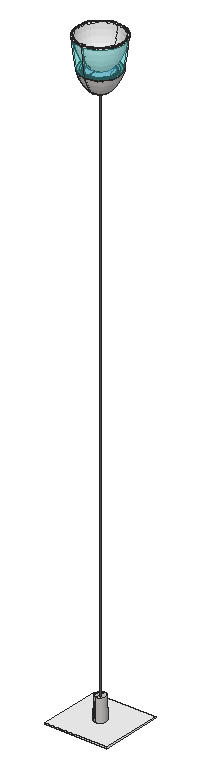
Revit family "BE_56581.2_de_DE", category Leuchten, Revit 2017
Family settings
  Basisbauteil = Fläche
  Bemaßung runder Anschluss = Durchmesser verwenden
  Teiletyp = Normal
  Beim Laden mit Abzugskörper schneiden = Ja
  Lichtquelle = Ja
  Gemeinsam genutzt = Nein
  Raumberechnungspunkt = Ja
Parameters (values of type "BEGA_56581.2_K3")
  built-in parameter 1150104 = 12.486 (stored number, unit not read)
  Wattage = 36.3 W
  Default Elevation = 0 mm
  built-in parameter 1150113 = 1 (stored number, unit not read)
  built-in parameter 1114218 = 1 (stored number, unit not read)
  Umgebungstemperatur = "25 °C"
  URL = "http://www.bega.de/de/produkt/56581.2"
  Typenkommentare = "© 2019 BEGA. Wir behalten uns das Recht vor, technische Änderungen ohne vorherige Ankündigung vorzunehmen."  # constant formula
  built-in parameter 1150134 = (empty or 0)
  built-in parameter 1150109 = 1 (stored number, unit not read)
  Strom = ""
  built-in parameter 1150110 = 1 (stored number, unit not read)
  Spannung = 239.996 V
  Sonderanfertigung = no
  Seriennummer [instance] = "Hier können Sie die eindeutige Seriennummer für das Facility Management eintragen."
  Schutzklasse = "I"
  Schutzart = ""
  Scheinlast = 0 VA
  Produktdatenblatt = "http://www.bega.de/download/Xrfa/db/56581.2.db.de.pdf"
  Oberflächentemperatur = ""
  Neigungswinkel = 0.00°
  Modell = "56581.2K3"
  Material_18 = BEGA_Gummi_schwarz
  Material_17 = BEGA_Reflektor
  Material_15 = BEGA_Leuchtmedium_matt
  Material_11 = BEGA_Glas_opal
  Material_10 = BEGA_Glas_matt
  Material_09 = BEGA_Glas_klar
  Material_06 = BEGA_Oberfläche_Edelstahl_gebürstet
  Material_05 = BEGA_Oberfläche_Aluminium Guss
  Material_03 = BEGA_Oberfläche_Weiss_matt
  Material_02 = BEGA_Oberfläche_Silber_matt
  Material_01 [instance] = BEGA_Oberfläche_Grafit_matt
  M_W = no
  M_G = no
  M_A = no
  Logo = 0
  built-in parameter 1114217 = 1 (stored number, unit not read)
  built-in parameter 1150139 = (empty or 0)
  built-in parameter 1150105 = 388.24 (stored number, unit not read)
  built-in parameter 1150114 = 1 (stored number, unit not read)
  Lumens = 4878.72 lm
  built-in parameter 1150115 = 1 (stored number, unit not read)
  Leuchtenlichtstrom = "3415 lm"
  Leuchtenanzahl = ""
  Lebensdauerkriterien = "L70B50 @ 25 °C = 290000 h"
  Lastklassifizierung = Beleuchtung
  built-in parameter 1150112 = 1 (stored number, unit not read)
  Lampenlichtstrom = "4920 lm"
  Lampe = "LED 36.3 W"
  LED_Modulbezeichnung = "LED-0495/930"
  Hersteller = "BEGA"  # constant formula
  Halbstreuwinkel = ""
  Gewicht = "5.7 kg"
  Gebrauchslageneinschränkung [instance] = ""
  Frequenz = "0/50-60 Hz"
  Farbwiedergabeindex = "CRI > 90"
  Farbtemperaturverschiebung bei Dämpfen der Lampe = <Keine Auswahl>
  Farbtemperatur = "3000 K"
  Color Filter = 16777215
  built-in parameter 1150133 = 10 (stored number, unit not read)
  Energieeffizienzklasse = "LED A++ - A"
  built-in parameter 1150137 = (empty or 0)
  built-in parameter 1150132 = (empty or 0)
  ENEC = "ja"
  Dimmbar [instance] = "DALI"
  Datei für fotometrisches Netz = "BE_56581.2K3.IES"
  CE_Konformität = "ja"
  Bestellnummer = "56581.2K3"
  Beschreibung_Sonderanfertigung = "Hier können Sie Informationen zur Sonderanfertigung eintragen."
  Beschreibung = "Pendelleuchte"
  built-in parameter 1150106 = 3.8824 (stored number, unit not read)
  Befestigungsbohrung = ""
  Befestigungsabstand = ""
  Ballwurfsicher = ""
  BEGA_Intern_aus = yes
  BEGA_Intern_an = yes
  BEGA_Intern_Konstruktion = yes
  BEGA_Intern = yes
  BEGA_IES = yes
  BEGA_Dummy = no
  Anschlussleitung = ""
  Anschlussleistung [instance] = "39.5 W"
  Anschlusskasten = ""
  built-in parameter 1150107 = 3000 (stored number, unit not read)
  built-in parameter 1150102 = (empty or 0)
  built-in parameter 1150138 = (empty or 0)
  Aktualisierung = "2019-07-09T04:00:12"
  Abstand_zur_angestrahlten_Fläche [instance] = ""
  AC/DC = "AC/DC"
Types (2, lengths in mm): name | built-in parameter 1150104 | built-in parameter 1150134 | Modell | built-in parameter 1150105 | Lumens | Leuchtenlichtstrom | Lampenlichtstrom | LED_Modulbezeichnung | Farbtemperatur | Datei für fotometrisches Netz | Bestellnummer | built-in parameter 1150106 | built-in parameter 1150107
  BEGA_56581.2_K4 | 12.858 (stored number, unit not read) | 12 | "56581.2K4" | 399.79 (stored number, unit not read) | 5023.92 lm | "3515 lm" | "5065 lm" | "LED-0495/940" | "4000 K" | "BE_56581.2K4.IES" | "56581.2K4" | 3.9979 (stored number, unit not read) | 4000 (stored number, unit not read)
  BEGA_56581.2_K3 | 12.486 (stored number, unit not read) | (empty or 0) | "56581.2K3" | 388.24 (stored number, unit not read) | 4878.72 lm | "3415 lm" | "4920 lm" | "LED-0495/930" | "3000 K" | "BE_56581.2K3.IES" | "56581.2K3" | 3.8824 (stored number, unit not read) | 3000 (stored number, unit not read)
Reference planes
  plane 1 "Mitte (Vorne/Hinten)": y = 0
  plane 2: z = 0
  plane 3 "Mitte (Links/Rechts)": x = 0
  plane 4 "Links": x = -151.3
  plane 5 "Rechts": x = 151.3
  plane 6 "Unten": y = -151.3
  plane 7 "Oben": y = 151.3
  plane 8 "Vorne": z = 3999
  plane 9 "Hinten": z = 0
Forms (mm)
  Extrusion 1, solid, material "BEGA_Platte_Weiss"
    sketch origin (0, -1119.2, 0) x (1, 0, 0) y (0, 1, 0)
      loop
        line (-200, 1319.2) -> (-200, 919.2) -> (200, 919.2) -> (200, 1319.2) -> (-200, 1319.2)
    from 0 to -10
  Extrusion 2, solid, material "BEGA_Dummy_matt", visible <- "BEGA_Dummy"
    sketch origin (77.149, -76.023, 0) x (1, 0, 0) y (0, 1, 0)
      loop
        circle (-77.149, 76.023) r 151.3
    from 0 to 3999
Dimensions and locks
  plane 1 "Mitte (Vorne/Hinten)" to Extrusion 1 = 200 mm
  plane 7 "Oben" to plane 1 "Mitte (Vorne/Hinten)" to plane 6 "Unten" = 151.3 mm, 151.3 mm
  aligned and locked: plane 2 to Extrusion 1
  aligned and locked: level to Extrusion 1
Nested families
  nested 1: "BE_56581.2" at (0, 0, 0), type "BE_56581.2"
Connectors
  electrical at (0, 0, 0), driven by "Lastklassifizierung", driven by "Spannung", driven by "Scheinlast"
    settings: index 1, voltage 239.996 V, apparent load 0 VA, apparent load phase1 0 VA, apparent load phase2 0 VA, apparent load phase3 0 VA, power factor 1, load classification "Beleuchtung", number of poles 1, system type 31, power factor state 1, is connector primary yes, connector utility no, sub classification motor no, connector description ""
Definition of nested family "BE_56581.2"
  Parameters (values of type "BE_56581.2")
    Default Elevation = 1 mm
    URL = "http://www.bega.de/de/produkt"
    Type Comments = "© 2015 BEGA. Wir behalten uns das Recht vor, technische Änderungen ohne vorherige Ankündigung vorzunehmen. "  # constant formula
    Type Image = (empty or 0)
    Neigungswinkel_um_Z2 = 0.00°
    Neigungswinkel_um_Z1 = 0.00°
    Neigungswinkel_um_Y2 = 0.00°
    Neigungswinkel_um_Y1 = 0.00°
    Neigungswinkel_um_X2 = 0.00°
    Neigungswinkel_um_X1 = 0.00°
    Material_18 = none
    Material_17 = none
    Material_15 = none
    Material_11 = none
    Material_10 = none
    Material_09 = none
    Material_06 = none
    Material_05 = none
    Material_03 = none
    Material_02 = none
    Material_01 = none
    M_W = yes
    M_G = yes
    M_A = yes
    Länge_Platte = 400 mm  # constant formula
    Höhe_Platte = -10 mm  # constant formula
    Manufacturer = "BEGA"  # constant formula
    Drehwinkel_um_Z2 = 0.00°
    Drehwinkel_um_Z1 = 0.00°
    Breite_Platte = 400 mm  # constant formula
  Reference planes
    plane 1 "Mitte (Oben/Unten)": y = 0
    plane 2: z = 0
    plane 3 "Mitte (Links/Rechts)": x = 0
    plane 4: y = 151.3
    plane 5: y = -151.3
    plane 6: z = 4000
    plane 7: x = -151.3
    plane 8: x = 151.3
  Forms (mm)
    Extrusion 1, solid, detail levels medium
      sketch origin (0, 0, 0) x (1, 0, 0) y (0, 1, 0)
        loop
          line (-200, 200) -> (-200, -200) -> (200, -200) -> (200, 200) -> (-200, 200)
      from 0 to -10 <- "Höhe_Platte"
    Revolve 2, solid, material <- "Material_06", detail levels medium+fine
      sketch origin (0, 0, 0) x (0, 1, 0) y (0, 0, 1)
        loop
          line (-36.248, 0.5) -> (-34, 0.5) -> (-34, 2.676) -> (-32.481, 2.729) -> (-31.3, 138.025)
          arc (-31.3, 138.025) -> (-30.705, 139.423) -> (-29.3, 140) r 2
          line (-29.3, 140) -> (0, 140) -> (0, 143.501)
          arc (0, 143.501) -> (-17.512, 143.245) -> (-35.009, 142.479) r 600
          line (-35.009, 142.479) -> (-36.248, 0.5)
        axis (0, 0.5) -> (0, 143.501)
      angle from 0 to 360
    Revolve 3, solid, material <- "Material_05", detail levels medium+fine
      sketch origin (0, 0, 0) x (0, 1, 0) y (0, 0, 1)
        loop
          line (-32.14, 2) -> (-32.175, 1) -> (-33.765, 1) -> (-33.8, 0) -> (0, 0) -> (0, 2) -> (-32.14, 2)
        axis (0, 0) -> (0, 2)
      angle from 0 to 360
    Extrusion 4, void
      sketch origin (0, 0, 0) x (1, 0, 0) y (0, 1, 0)
        loop
          arc (-9.887, 12.652) -> (-16.053, -0.003) -> (-9.876, -12.652) r 16.053
          line (-9.876, -12.652) -> (9.484, -12.652)
          arc (9.484, -12.652) -> (15.815, -0.003) -> (9.495, 12.652) r 15.815
          line (9.495, 12.652) -> (-9.887, 12.652)
        loop
          circle (-0.016, 25) r 2.25
        loop
          circle (-0.016, -25) r 2.25
      from 0 to 3.541
    Revolve 5, solid, material <- "Material_03", detail levels medium+fine
      sketch origin (0, 0, 0) x (0, 1, 0) y (0, 0, 1)
        loop
          line (-151.3, 3997) -> (-150.3, 3997) -> (-150.3, 3999) -> (-139.949, 3999)
          spline (-139.949, 3999) -> (-138.779, 3976.236) -> (-136.01, 3953.855) -> (-131.676, 3932.161) -> (-125.838, 3911.444) -> (-118.571, 3891.985) -> (-109.972, 3874.046) -> (-100.154, 3857.87) -> (-89.246, 3843.674) -> (-77.391, 3831.655) -> (-64.745, 3821.976) -> (-51.475, 3814.779) -> (-37.762, 3810.166)
          arc (-37.762, 3810.166) -> (-37.214, 3809.812) -> (-37, 3809.196) r 1
          line (-37, 3809.196) -> (-37, 3805) -> (-36, 3805) -> (-36, 3809.985)
          arc (-36, 3809.985) -> (-36.219, 3810.608) -> (-36.779, 3810.958) r 1
          spline (-36.779, 3810.958) -> (-50.367, 3815.489) -> (-63.542, 3822.592) -> (-76.126, 3832.17) -> (-87.949, 3844.094) -> (-98.85, 3858.202) -> (-108.68, 3874.301) -> (-117.307, 3892.175) -> (-124.613, 3911.58) -> (-130.5, 3932.253) -> (-134.887, 3953.913) -> (-137.714, 3976.266) -> (-138.944, 3999.009)
          arc (-138.944, 3999.009) -> (-139.241, 3999.71) -> (-139.944, 4000) r 1
          line (-139.944, 4000) -> (-150.3, 4000)
          arc (-150.3, 4000) -> (-151.007, 3999.707) -> (-151.3, 3999) r 1
          line (-151.3, 3999) -> (-151.3, 3997)
        axis (0, 3805) -> (0, 4000)
      angle from 0 to 360
    Revolve 6, solid, material <- "Material_09", detail levels medium+fine
      sketch origin (0, 0, 0) x (0, 1, 0) y (0, 0, 1)
        loop
          line (-102.7, 3768.034) -> (-96.4, 3768.034) -> (-96.4, 3792.847)
          arc (-96.4, 3792.847) -> (-98.818, 3798.985) -> (-104.772, 3801.826) r 9
          line (-104.772, 3801.826) -> (-121.101, 3802.97)
          arc (-121.101, 3802.97) -> (-138.31, 3900.406) -> (-145.438, 3999.093) r 963.829
          line (-145.438, 3999.093) -> (-149.939, 3999.093)
          arc (-149.939, 3999.093) -> (-142.528, 3897.875) -> (-124.563, 3797.988) r 968.329
          arc (-124.563, 3797.988) -> (-124.199, 3797.391) -> (-123.552, 3797.127) r 1.119
          line (-123.552, 3797.127) -> (-107.926, 3796.034) -> (-102.7, 3768.034)
        axis (0, 3768.034) -> (0, 3999.093)
      angle from 0 to 360
    Revolve 7, solid, material <- "Material_06", detail levels medium+fine
      sketch origin (0, 0, 0) x (0, 1, 0) y (0, 0, 1)
        loop
          line (-3.71, 3663.451) -> (0, 3663.451) -> (0, 3666.998)
          arc (0, 3666.998) -> (-36.026, 3674.484) -> (-65.816, 3696.08) r 87.76
          arc (-65.816, 3696.08) -> (-99.133, 3743.474) -> (-120.273, 3797.412) r 242.773
          line (-120.273, 3797.412) -> (-123.99, 3797.412)
          arc (-123.99, 3797.412) -> (-102.525, 3742.181) -> (-68.493, 3693.673) r 246.373
          arc (-68.493, 3693.673) -> (-39.18, 3671.963) -> (-3.71, 3663.451) r 91.36
        axis (0, 3663.451) -> (0, 3797.412)
      angle from 0 to 360
    Revolve 8, solid, material <- "Material_18", detail levels medium+fine
      sketch origin (0, 0, 0) x (0, 1, 0) y (0, 0, 1)
        loop
          line (-3.35, 118.995) -> (0, 118.995) -> (0, 3695.157) -> (-3.35, 3695.157) -> (-3.35, 118.995)
        axis (0, 3695.157) -> (0, 118.995)
      angle from 0 to 360
    Revolve 9, solid, material <- "Material_10", detail levels medium+fine
      sketch origin (0, 0, 0) x (0, 1, 0) y (0, 0, 1)
        loop
          line (0, 3806.329) -> (0, 3821.829)
          arc (0, 3821.829) -> (-17.765, 3819.684) -> (-34.51, 3813.374) r 74.657
          arc (-34.51, 3813.374) -> (-35.259, 3812.685) -> (-35.571, 3811.717) r 2
          line (-35.571, 3811.717) -> (-35.805, 3807.255)
          arc (-35.805, 3807.255) -> (-36.079, 3806.619) -> (-36.699, 3806.313) r 1
          line (-36.699, 3806.313) -> (-92.963, 3800.4)
          arc (-92.963, 3800.4) -> (-93.589, 3800.094) -> (-93.863, 3799.453) r 1
          line (-93.863, 3799.453) -> (-94.522, 3786.868)
          arc (-94.522, 3786.868) -> (-94.386, 3786.498) -> (-94.023, 3786.342) r 0.5
          line (-94.023, 3786.342) -> (-89.042, 3786.342) -> (-88.608, 3794.636)
          arc (-88.608, 3794.636) -> (-88.061, 3795.908) -> (-86.82, 3796.521) r 2
          line (-86.82, 3796.521) -> (-32.407, 3802.24)
          arc (-32.407, 3802.24) -> (-31.789, 3802.543) -> (-31.513, 3803.174) r 1
          line (-31.513, 3803.174) -> (-31.398, 3805.373)
          arc (-31.398, 3805.373) -> (-31.09, 3806.051) -> (-30.399, 3806.329) r 1
          line (-30.399, 3806.329) -> (0, 3806.329)
        axis (0, 3821.829) -> (0, 3786.342)
      angle from 0 to 360
  Cuts and joins
    Extrusion 4 cuts Revolve 3
  Dimensions and locks
    equal spacing: Extrusion 1 sketch curve, plane 3 "Mitte (Links/Rechts)", Extrusion 1 sketch curve
    equal spacing: Extrusion 1 sketch curve, plane 1 "Mitte (Oben/Unten)", Extrusion 1 sketch curve
    "Länge_Platte": Extrusion 1 sketch curve to Extrusion 1 sketch curve
    "Breite_Platte": Extrusion 1 sketch curve to Extrusion 1 sketch curve
    aligned and locked: Extrusion 1 to plane 2
    aligned and locked: level to Extrusion 1
  Automatic sketch dimensions
    Revolve 3 sketch curve to plane 1 "Mitte (Oben/Unten)" = 0 mm  (x2)
    Revolve 3 sketch curve to level = 0 mm  (x2)
    plane 1 "Mitte (Oben/Unten)" to Revolve 3 sketch curve = 32.14 mm
    Revolve 3 sketch curve to Revolve 3 sketch curve = 2.125 mm
    Revolve 3 sketch curve to Revolve 3 sketch curve = 0.035 mm  (x2)
    Revolve 3 sketch curve to Revolve 3 sketch curve = 1.59 mm
    level to Revolve 3 sketch curve = 1 mm
    Revolve 3 sketch curve to Revolve 3 sketch curve = 2 mm
    Extrusion 4 sketch curve to Extrusion 4 sketch curve = 0 mm  (x2)
    Extrusion 4 sketch curve to plane 3 "Mitte (Links/Rechts)" = 0 mm
    Extrusion 4 sketch curve to plane 3 "Mitte (Links/Rechts)" = 0.016 mm  (x2)
    Extrusion 4 sketch curve to plane 3 "Mitte (Links/Rechts)" = 9.876 mm
    Extrusion 4 sketch curve to plane 3 "Mitte (Links/Rechts)" = 9.887 mm
    plane 3 "Mitte (Links/Rechts)" to Extrusion 4 sketch curve = 9.484 mm
    plane 1 "Mitte (Oben/Unten)" to Extrusion 4 sketch curve = 25 mm
    Extrusion 4 sketch curve to plane 1 "Mitte (Oben/Unten)" = 0.004 mm
    Extrusion 4 sketch curve to Extrusion 4 sketch curve = 12.348 mm
    plane 1 "Mitte (Oben/Unten)" to Extrusion 4 sketch curve = 12.652 mm
    Revolve 2 sketch curve to plane 1 "Mitte (Oben/Unten)" = 0 mm  (x2)
    plane 1 "Mitte (Oben/Unten)" to Revolve 2 sketch curve = 29.3 mm
    Revolve 2 sketch curve to Revolve 2 sketch curve = 2 mm
    level to Revolve 2 sketch curve = 2.729 mm
    plane 1 "Mitte (Oben/Unten)" to Revolve 2 sketch curve = 32.481 mm
    Revolve 2 sketch curve to Revolve 2 sketch curve = 1.52 mm
    Revolve 2 sketch curve to Revolve 2 sketch curve = 3.709 mm
    level to Revolve 2 sketch curve = 0.5 mm
    Revolve 2 sketch curve to Revolve 2 sketch curve = 2.248 mm
    Revolve 2 sketch curve to level = 456.499 mm
    Revolve 2 sketch curve to Revolve 2 sketch curve = 0.053 mm
    Revolve 2 sketch curve to Revolve 2 sketch curve = 135.271 mm
    Revolve 2 sketch curve to Revolve 2 sketch curve = 0.025 mm
    Revolve 2 sketch curve to Revolve 2 sketch curve = 0 mm  (x4)
    Revolve 2 sketch curve to Revolve 2 sketch curve = 4.454 mm
    Revolve 2 sketch curve to Revolve 2 sketch curve = 46.562 mm
    Revolve 7 sketch curve to Revolve 7 sketch curve = 0 mm  (x7)
    Revolve 7 sketch curve to plane 1 "Mitte (Oben/Unten)" = 0 mm  (x2)
    plane 1 "Mitte (Oben/Unten)" to Revolve 7 sketch curve = 0.556 mm
    plane 1 "Mitte (Oben/Unten)" to Revolve 7 sketch curve = 3.71 mm
    Revolve 7 sketch curve to Revolve 7 sketch curve = 3.717 mm
    Revolve 7 sketch curve to Revolve 7 sketch curve = 3.547 mm
    Revolve 7 sketch curve to Revolve 7 sketch curve = 87.758 mm
    Revolve 7 sketch curve to Revolve 7 sketch curve = 42.656 mm
    Revolve 7 sketch curve to Revolve 7 sketch curve = 103.641 mm
    Revolve 7 sketch curve to Revolve 7 sketch curve = 4.003 mm
    Revolve 6 sketch curve to Revolve 6 sketch curve = 0 mm  (x5)
    Revolve 6 sketch curve to plane 1 "Mitte (Oben/Unten)" = 0 mm
    Revolve 6 sketch curve to Revolve 6 sketch curve = 6.3 mm
    Revolve 6 sketch curve to Revolve 6 sketch curve = 9 mm
    Revolve 6 sketch curve to Revolve 6 sketch curve = 2.526 mm
    Revolve 6 sketch curve to Revolve 6 sketch curve = 0.078 mm
    Revolve 6 sketch curve to Revolve 6 sketch curve = 24.813 mm
    Revolve 6 sketch curve to Revolve 6 sketch curve = 3.187 mm
    Revolve 6 sketch curve to Revolve 6 sketch curve = 1.093 mm
    Revolve 6 sketch curve to Revolve 6 sketch curve = 1.116 mm
    Revolve 6 sketch curve to Revolve 6 sketch curve = 4.727 mm
    Revolve 6 sketch curve to Revolve 6 sketch curve = 226.251 mm
    Revolve 6 sketch curve to Revolve 6 sketch curve = 3.153 mm
    Revolve 6 sketch curve to Revolve 6 sketch curve = 4.501 mm
    Revolve 6 sketch curve to Revolve 6 sketch curve = 0.79 mm
    Revolve 6 sketch curve to Revolve 6 sketch curve = 0.003 mm
    Revolve 6 sketch curve to Revolve 6 sketch curve = 40 mm
    Revolve 9 sketch curve to plane 1 "Mitte (Oben/Unten)" = 0 mm  (x2)
    plane 1 "Mitte (Oben/Unten)" to Revolve 9 sketch curve = 0.001 mm
    plane 1 "Mitte (Oben/Unten)" to Revolve 9 sketch curve = 30.399 mm
    Revolve 9 sketch curve to Revolve 9 sketch curve = 0.999 mm  (x3)
    Revolve 9 sketch curve to Revolve 9 sketch curve = 0.115 mm
    Revolve 9 sketch curve to Revolve 9 sketch curve = 0.998 mm
    Revolve 9 sketch curve to Revolve 9 sketch curve = 3.176 mm
    Revolve 9 sketch curve to Revolve 9 sketch curve = 1.997 mm  (x2)
    Revolve 9 sketch curve to Revolve 9 sketch curve = 1.232 mm
    Revolve 9 sketch curve to Revolve 9 sketch curve = 2.432 mm
    Revolve 9 sketch curve to Revolve 9 sketch curve = 6.254 mm
    Revolve 9 sketch curve to Revolve 9 sketch curve = 0.099 mm
    Revolve 9 sketch curve to Revolve 9 sketch curve = 4.981 mm
    Revolve 9 sketch curve to Revolve 9 sketch curve = 39.17 mm
    Revolve 9 sketch curve to Revolve 9 sketch curve = 0.5 mm
    Revolve 9 sketch curve to Revolve 9 sketch curve = 8.19 mm
    Revolve 9 sketch curve to Revolve 9 sketch curve = 4.873 mm
    Revolve 9 sketch curve to Revolve 9 sketch curve = 0.049 mm
    Revolve 9 sketch curve to Revolve 9 sketch curve = 8.642 mm
    Revolve 9 sketch curve to Revolve 9 sketch curve = 0.061 mm
    Revolve 9 sketch curve to Revolve 9 sketch curve = 2.155 mm
    Revolve 9 sketch curve to Revolve 9 sketch curve = 0.044 mm
    Revolve 9 sketch curve to Revolve 9 sketch curve = 1.935 mm
    Revolve 9 sketch curve to Revolve 9 sketch curve = 4.299 mm
    Revolve 9 sketch curve to Revolve 9 sketch curve = 0.11 mm
    Revolve 9 sketch curve to Revolve 9 sketch curve = 15.5 mm
    Revolve 9 sketch curve to Revolve 9 sketch curve = 0.105 mm  (x3)
    Revolve 9 sketch curve to Revolve 9 sketch curve = 0 mm  (x13)
    Revolve 9 sketch curve to Revolve 9 sketch curve = 0.209 mm
    Revolve 9 sketch curve to Revolve 9 sketch curve = 0.499 mm
    Revolve 9 sketch curve to Revolve 9 sketch curve = 0.995 mm
    Revolve 9 sketch curve to Revolve 9 sketch curve = 1.71 mm
    Revolve 5 sketch curve to plane 1 "Mitte (Oben/Unten)" = 0 mm
    plane 1 "Mitte (Oben/Unten)" to Revolve 5 sketch curve = 36 mm
    Revolve 5 sketch curve to Revolve 5 sketch curve = 1 mm  (x4)
    Revolve 5 sketch curve to Revolve 5 sketch curve = 0 mm  (x4)
    Revolve 5 sketch curve to Revolve 5 sketch curve = 0.005 mm
    Revolve 5 sketch curve to Revolve 5 sketch curve = 10.356 mm
    Revolve 5 sketch curve to Revolve 5 sketch curve = 4.194 mm
    Revolve 5 sketch curve to Revolve 5 sketch curve = 0.002 mm  (x2)
    Revolve 5 sketch curve to Revolve 5 sketch curve = 0.787 mm
    Revolve 5 sketch curve to Revolve 5 sketch curve = 187.017 mm
    Revolve 5 sketch curve to Revolve 5 sketch curve = 2 mm
    plane 1 "Mitte (Oben/Unten)" to Revolve 5 sketch curve = 20 mm
    Revolve 5 sketch curve to Revolve 5 sketch curve = 0.221 mm
    Revolve 5 sketch curve to Revolve 5 sketch curve = 0.762 mm
    Revolve 5 sketch curve to Revolve 5 sketch curve = 34.953 mm
    Revolve 5 sketch curve to Revolve 5 sketch curve = 26.315 mm
    Revolve 5 sketch curve to Revolve 5 sketch curve = 5.991 mm
    Revolve 8 sketch curve to plane 1 "Mitte (Oben/Unten)" = 0 mm  (x2)
    Revolve 8 sketch curve to Revolve 8 sketch curve = 3.35 mm
    level to Revolve 8 sketch curve = 118.995 mm
    Revolve 8 sketch curve to Revolve 8 sketch curve = 1175 mm
    Revolve 8 sketch curve to Revolve 8 sketch curve = 50 mm
    Revolve 7 sketch curve to plane 1 "Mitte (Oben/Unten)" = 114.716 mm
    Revolve 5 sketch curve to Revolve 5 sketch curve = 119.944 mm
    plane 1 "Mitte (Oben/Unten)" to Revolve 6 sketch curve = 96.4 mm
    Revolve 6 sketch curve to Revolve 6 sketch curve = 13.175 mm
    Revolve 6 sketch curve to Revolve 6 sketch curve = 2.373 mm
    plane 1 "Mitte (Oben/Unten)" to Revolve 6 sketch curve = 145.438 mm
    Revolve 7 sketch curve to Revolve 7 sketch curve = 54.456 mm
    Revolve 9 sketch curve to Revolve 9 sketch curve = 49.911 mm
    level to Revolve 5 sketch curve = 3805 mm
    level to Revolve 6 sketch curve = 3768.034 mm
    level to Revolve 7 sketch curve = 3663.451 mm
    Revolve 8 sketch curve to Revolve 8 sketch curve = 2351.163 mm
    level to Revolve 9 sketch curve = 3747.172 mm
    radius of Extrusion 4 sketch curve = 2.25 mm  (x2)
